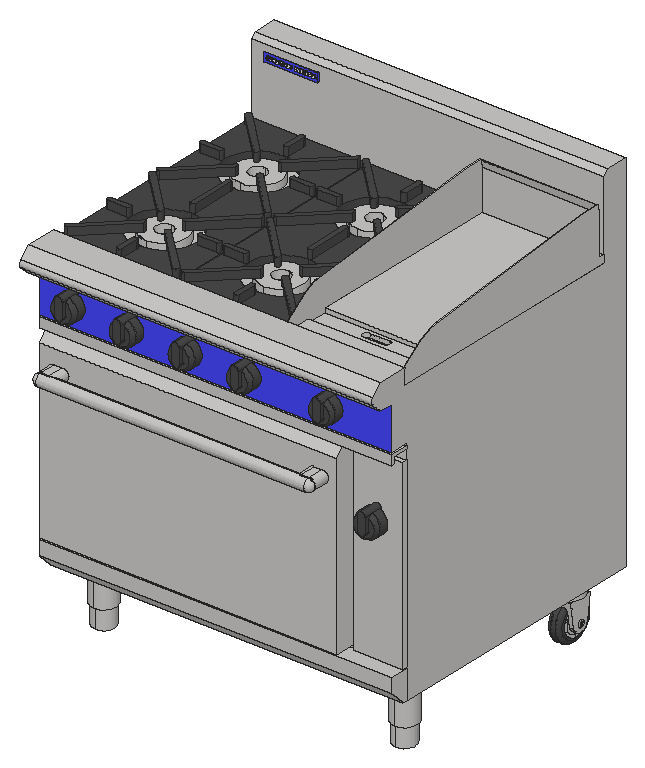
Revit family "QF_MOFFAT_BLUESEAL_CE_GE56C", category Specialty Equipment, Revit 2012 (continued)
Automatic sketch dimensions
  Revolve 22 sketch curve to plane 18 = 16.875 mm
  Revolve 22 sketch curve to Revolve 22 sketch curve = 15 mm
  Revolve 22 sketch curve to plane 18 = 31.875 mm
  plane 7 "Center Y" to Revolve 22 sketch curve = 138.039 mm
  Revolve 22 sketch curve to plane 16 = 111.461 mm
  plane 21 to Extrusion 23 sketch curve = 44 mm
  Extrusion 23 sketch curve to Extrusion 23 sketch curve = 6.387 mm
  Extrusion 23 sketch curve to Extrusion 23 sketch curve = 8.776 mm
  Extrusion 23 sketch curve to plane 21 = 4.07 mm
  plane 18 to Extrusion 23 sketch curve = 55 mm
  Extrusion 23 sketch curve to Extrusion 23 sketch curve = 16.999 mm
  Extrusion 23 sketch curve to Extrusion 23 sketch curve = 7.004 mm
  plane 21 to Extrusion 24 sketch curve = 44 mm
  Extrusion 24 sketch curve to Extrusion 24 sketch curve = 36.5 mm
  Extrusion 25 sketch curve to plane 19 = 0 mm
  Extrusion 25 sketch curve to plane 19 = 19.393 mm
  Extrusion 25 sketch curve to plane 19 = 31.75 mm
  plane 19 to Extrusion 25 sketch curve = 19.393 mm
  plane 19 to Extrusion 25 sketch curve = 31.75 mm
  level to Extrusion 25 sketch curve = 45.111 mm
  Extrusion 25 sketch curve to Extrusion 25 sketch curve = 4.889 mm
  Extrusion 25 sketch curve to Extrusion 25 sketch curve = 64.889 mm
  Revolve 26 sketch curve to plane 19 = 0 mm  (x2)
  Revolve 26 sketch curve to plane 19 = 35.75 mm
  Revolve 26 sketch curve to level = 55 mm
  level to Revolve 26 sketch curve = 50 mm
  Revolve 26 sketch curve to Revolve 26 sketch curve = 60 mm
  Revolve 26 sketch curve to Revolve 26 sketch curve = 40 mm
  Revolve 27 sketch curve to plane 19 = 0 mm  (x2)
  Revolve 27 sketch curve to plane 19 = 35.75 mm
  level to Revolve 27 sketch curve = 150 mm
  Revolve 27 sketch curve to Revolve 27 sketch curve = 40 mm
  level to Revolve 27 sketch curve = 50 mm
  Revolve 27 sketch curve to level = 55 mm
  Revolve 28 sketch curve to plane 16 = 34.382 mm
  Revolve 28 sketch curve to Revolve 28 sketch curve = 1.27 mm  (x4)
  Revolve 28 sketch curve to Revolve 28 sketch curve = 1.524 mm  (x2)
  Revolve 28 sketch curve to Revolve 28 sketch curve = 12.146 mm  (x2)
  Revolve 28 sketch curve to plane 16 = 16.68 mm
  Revolve 28 sketch curve to Revolve 28 sketch curve = 0.794 mm  (x2)
  Revolve 28 sketch curve to Revolve 28 sketch curve = 3.57 mm
  Revolve 28 sketch curve to Revolve 28 sketch curve = 2.143 mm
  Revolve 28 sketch curve to plane 16 = 6.361 mm
  plane 16 to Revolve 28 sketch curve = 5.13 mm
  plane 16 to Revolve 28 sketch curve = 6.339 mm
  plane 16 to Revolve 28 sketch curve = 14.515 mm
  Revolve 28 sketch curve to Revolve 28 sketch curve = 1.349 mm  (x2)
  Revolve 28 sketch curve to Revolve 28 sketch curve = 3.556 mm
  Revolve 28 sketch curve to plane 4 "RIGHT" = 2.18 mm
  level to Revolve 28 sketch curve = 50.8 mm
  Revolve 28 sketch curve to Revolve 28 sketch curve = 0 mm
  Revolve 28 sketch curve to Revolve 28 sketch curve = 3.505 mm  (x2)
  Revolve 28 sketch curve to Revolve 28 sketch curve = 3.447 mm  (x2)
  Revolve 28 sketch curve to Revolve 28 sketch curve = 9.964 mm
  Revolve 28 sketch curve to Revolve 28 sketch curve = 10.045 mm
  Revolve 28 sketch curve to Revolve 28 sketch curve = 2.053 mm
  Revolve 28 sketch curve to Revolve 28 sketch curve = 2.061 mm
  Revolve 28 sketch curve to Revolve 28 sketch curve = 8.247 mm
  Revolve 28 sketch curve to Revolve 28 sketch curve = 8.336 mm
  Revolve 28 sketch curve to Revolve 28 sketch curve = 6.35 mm  (x2)
  Extrusion 29 sketch curve to plane 19 = 0 mm
  Extrusion 29 sketch curve to plane 19 = 19.393 mm
  Extrusion 29 sketch curve to plane 19 = 31.75 mm
  plane 19 to Extrusion 29 sketch curve = 19.393 mm
  plane 19 to Extrusion 29 sketch curve = 31.75 mm
  level to Extrusion 29 sketch curve = 45.111 mm
  Extrusion 29 sketch curve to Extrusion 29 sketch curve = 4.889 mm
  Extrusion 29 sketch curve to Extrusion 29 sketch curve = 64.889 mm
  Revolve 30 sketch curve to level = 0 mm
  Revolve 30 sketch curve to plane 19 = 0 mm  (x2)
  Revolve 30 sketch curve to Revolve 30 sketch curve = 27.5 mm
  Revolve 30 sketch curve to Revolve 30 sketch curve = 31.75 mm
  Revolve 30 sketch curve to level = 55 mm
  Revolve 30 sketch curve to Revolve 30 sketch curve = 50 mm
  Revolve 30 sketch curve to Revolve 30 sketch curve = 0 mm
  Revolve 30 sketch curve to Revolve 30 sketch curve = 100 mm
  Revolve 31 sketch curve to level = 0 mm
  Revolve 31 sketch curve to plane 19 = 0 mm  (x2)
  Revolve 31 sketch curve to Revolve 31 sketch curve = 27.5 mm
  Revolve 31 sketch curve to Revolve 31 sketch curve = 31.75 mm
  level to Revolve 31 sketch curve = 50 mm
  Revolve 31 sketch curve to Revolve 31 sketch curve = 0 mm
  Revolve 31 sketch curve to Revolve 31 sketch curve = 100 mm
  Revolve 31 sketch curve to Revolve 31 sketch curve = 55 mm
  plane 14 to Revolve 32 sketch curve = 25.382 mm
  Revolve 32 sketch curve to Revolve 32 sketch curve = 1.27 mm  (x4)
  Revolve 32 sketch curve to Revolve 32 sketch curve = 1.524 mm  (x2)
  plane 14 to Revolve 32 sketch curve = 10.442 mm
  plane 14 to Revolve 32 sketch curve = 7.68 mm
  Revolve 32 sketch curve to Revolve 32 sketch curve = 0.794 mm  (x2)
  Revolve 32 sketch curve to Revolve 32 sketch curve = 3.57 mm
  Revolve 32 sketch curve to Revolve 32 sketch curve = 2.143 mm
  Revolve 32 sketch curve to plane 14 = 2.639 mm
  Revolve 32 sketch curve to plane 11 = 0.13 mm
  Revolve 32 sketch curve to plane 11 = 1.339 mm
  Revolve 32 sketch curve to plane 11 = 9.515 mm
  Revolve 32 sketch curve to Revolve 32 sketch curve = 1.349 mm  (x2)
  Revolve 32 sketch curve to Revolve 32 sketch curve = 3.556 mm
  Revolve 32 sketch curve to Revolve 32 sketch curve = 12.146 mm
  Revolve 32 sketch curve to plane 3 "LEFT" = 2.68 mm
  level to Revolve 32 sketch curve = 101.6 mm
  Revolve 32 sketch curve to Revolve 32 sketch curve = 6.35 mm  (x4)
  Revolve 32 sketch curve to Revolve 32 sketch curve = 8.247 mm
  Revolve 32 sketch curve to Revolve 32 sketch curve = 8.336 mm
  Revolve 32 sketch curve to Revolve 32 sketch curve = 2.061 mm
  Revolve 32 sketch curve to Revolve 32 sketch curve = 2.053 mm
  Revolve 32 sketch curve to Revolve 32 sketch curve = 10.045 mm
  Revolve 32 sketch curve to Revolve 32 sketch curve = 9.964 mm
  Revolve 32 sketch curve to Revolve 32 sketch curve = 3.447 mm  (x2)
  Revolve 32 sketch curve to Revolve 32 sketch curve = 3.505 mm
  plane 21 to Extrusion 33 sketch curve = 0 mm
  Extrusion 33 sketch curve to plane 21 = 3 mm  (x2)
  plane 10 to Extrusion 33 sketch curve = 36.504 mm
  plane 12 to Extrusion 33 sketch curve = 67.472 mm
  plane 19 to Extrusion 33 sketch curve = 26 mm  (x2)
  Extrusion 33 sketch curve to Extrusion 33 sketch curve = 3 mm
  plane 14 to Extrusion 33 sketch curve = 76 mm  (x2)
  plane 9 to Extrusion 33 sketch curve = 17 mm
  Extrusion 34 sketch curve to Extrusion 33 = 19.102 mm  (x4)
  Extrusion 34 sketch curve to Extrusion 34 sketch curve = 4.525 mm  (x32)
  Extrusion 34 sketch curve to Extrusion 33 = 27.593 mm  (x2)
  Extrusion 34 sketch curve to Extrusion 34 sketch curve = 48.456 mm  (x8)
  Extrusion 34 sketch curve to Extrusion 34 sketch curve = 50.976 mm  (x2)
  Extrusion 34 sketch curve to Extrusion 34 sketch curve = 0 mm  (x11)
  Extrusion 33 to Extrusion 34 sketch curve = 9.908 mm  (x2)
  Extrusion 34 sketch curve to Extrusion 34 sketch curve = 27.39 mm  (x4)
  Extrusion 34 sketch curve to Extrusion 34 sketch curve = 6.4 mm  (x14)
  Extrusion 34 sketch curve to Extrusion 34 sketch curve = 20.658 mm  (x4)
  Extrusion 34 sketch curve to Extrusion 34 sketch curve = 55.923 mm  (x2)
  Extrusion 33 to Extrusion 34 sketch curve = 6.102 mm  (x3)
  Extrusion 34 sketch curve to Extrusion 34 sketch curve = 128.581 mm  (x3)
  Extrusion 34 sketch curve to Extrusion 33 = 6.102 mm  (x2)
  Extrusion 34 sketch curve to Extrusion 33 = 5.102 mm  (x3)
  Extrusion 34 sketch curve to Extrusion 33 = 14.153 mm
  Extrusion 34 sketch curve to Extrusion 34 sketch curve = 12.205 mm  (x4)
  Extrusion 34 sketch curve to Extrusion 33 = 15.153 mm  (x2)
  Extrusion 33 to Extrusion 34 sketch curve = 15.153 mm
  Extrusion 34 sketch curve to Extrusion 34 sketch curve = 112.454 mm  (x2)
  Extrusion 34 sketch curve to Extrusion 34 sketch curve = 59.673 mm  (x2)
  Extrusion 34 sketch curve to Extrusion 34 sketch curve = 17.024 mm  (x3)
  Extrusion 34 sketch curve to Extrusion 34 sketch curve = 46.847 mm  (x4)
  Extrusion 34 sketch curve to Extrusion 34 sketch curve = 62.169 mm  (x2)
  Extrusion 34 sketch curve to Extrusion 33 = 36.153 mm  (x3)
  Extrusion 34 sketch curve to Extrusion 33 = 23.4 mm  (x2)
  Extrusion 34 sketch curve to Extrusion 33 = 9.156 mm  (x2)
  Extrusion 34 sketch curve to Extrusion 34 sketch curve = 55.413 mm  (x4)
  Extrusion 34 sketch curve to Extrusion 34 sketch curve = 20.524 mm  (x6)
  Extrusion 34 sketch curve to Extrusion 34 sketch curve = 53.847 mm  (x8)
  Extrusion 34 sketch curve to Extrusion 33 = 58.364 mm
  Extrusion 34 sketch curve to Extrusion 34 sketch curve = 55.661 mm  (x4)
  Extrusion 34 sketch curve to Extrusion 33 = 9.908 mm  (x2)
  Extrusion 34 sketch curve to Extrusion 34 sketch curve = 128.447 mm  (x3)
  Extrusion 36 sketch curve to plane 7 "Center Y" = 0 mm  (x2)
  plane 21 to Extrusion 36 sketch curve = 0 mm
  Extrusion 36 sketch curve to plane 21 = 3 mm  (x2)
  plane 10 to Extrusion 36 sketch curve = 36.504 mm
  plane 12 to Extrusion 36 sketch curve = 67.472 mm
  plane 19 to Extrusion 36 sketch curve = 26 mm  (x2)
  Extrusion 36 sketch curve to Extrusion 36 sketch curve = 3 mm
  plane 9 to Extrusion 36 sketch curve = 23 mm
  curve 23 to curve 27 = 0 mm  (x2)
  curve 37 to curve 39 = 0 mm  (x2)
  curve 37 to curve 41 = 0 mm  (x2)
  curve 45 to curve 47 = 0 mm  (x2)
  curve 51 to curve 53 = 0 mm  (x2)
  curve 51 to curve 55 = 0 mm  (x2)
  curve 49 to plane 7 "Center Y" = 0 mm
  curve 45 to plane 7 "Center Y" = 0 mm
  curve 51 to plane 7 "Center Y" = 0 mm
  plane 12 to curve 42 = 45.472 mm
  plane 14 to curve 42 = 76 mm
  plane 14 to curve 28 = 76 mm
  curve 26 to curve 23 = 0 mm
  curve 39 to curve 41 = 22 mm
  plane 12 to curve 55 = 67.472 mm
  curve 55 to curve 51 = 22 mm
  curve 54 to curve 55 = 35 mm
  curve 39 to curve 41 = 35 mm
  curve 38 to curve 39 = 28 mm
  curve 51 to curve 53 = 28 mm
  curve 25 to plane 8 "Center X" = 46.768 mm
  curve 50 to plane 8 "Center X" = 46.768 mm
  curve 49 to curve 46 = 27.732 mm
  curve 25 to curve 23 = 27.732 mm
  curve 45 to curve 48 = 35 mm
  curve 23 to curve 28 = 35 mm
  curve 27 to curve 28 = 22 mm
  curve 47 to curve 45 = 22 mm
  curve 23 to curve 25 = 0.268 mm
  curve 45 to curve 50 = 0.268 mm
  Extrusion 35 sketch curve to Extrusion 35 sketch curve = 0 mm  (x8)
  Extrusion 35 sketch curve to plane 7 "Center Y" = 0 mm  (x2)
  plane 12 to Extrusion 35 sketch curve = 67.472 mm  (x2)
  plane 10 to Extrusion 35 sketch curve = 36.772 mm  (x2)
  plane 14 to Extrusion 35 sketch curve = 76 mm  (x2)
  plane 1 "BACK" to curve 1 = 0 mm
  curve 1 to plane 3 "LEFT" = 0 mm
  plane 5 "FRONT" to curve 9 = 0 mm
  plane 21 to curve 6 = 0 mm
  plane 3 "LEFT" to curve 31 = 8.27 mm
  plane 3 "LEFT" to curve 44 = 8.27 mm
  plane 3 "LEFT" to curve 34 = 8.27 mm
  plane 3 "LEFT" to curve 29 = 8.27 mm
  plane 3 "LEFT" to curve 20 = 9.26 mm
  plane 3 "LEFT" to curve 35 = 9.26 mm
  plane 3 "LEFT" to curve 9 = 22.65 mm
  curve 10 to plane 11 = 11.111 mm
  curve 9 to plane 11 = 9.192 mm
  curve 20 to plane 11 = 0.74 mm
  curve 35 to plane 11 = 0.74 mm
  plane 14 to curve 34 = 47.407 mm
  plane 14 to curve 44 = 47.407 mm
  plane 14 to curve 29 = 47.407 mm
  plane 10 to curve 31 = 11.679 mm
  plane 14 to curve 31 = 47.407 mm
  curve 18 to plane 12 = 26.806 mm
  curve 34 to curve 18 = 28.581 mm
  curve 19 to plane 21 = 23.732 mm
  plane 14 to curve 19 = 76.034 mm
  curve 44 to curve 32 = 28.628 mm
  curve 44 to curve 43 = 57.187 mm
  plane 12 to curve 33 = 35.379 mm
  curve 34 to curve 33 = 57.187 mm
  curve 29 to curve 21 = 57.187 mm
  plane 10 to curve 30 = 11.679 mm
  curve 30 to curve 21 = 0 mm
  curve 36 to plane 9 = 39.959 mm
  curve 22 to plane 9 = 39.959 mm
  plane 9 to curve 43 = 11.73 mm
  plane 9 to curve 33 = 11.73 mm
  plane 9 to curve 30 = 11.73 mm
  plane 9 to curve 21 = 11.73 mm
  plane 9 to curve 22 = 11.767 mm
  plane 9 to curve 36 = 11.767 mm
  curve 15 to plane 21 = 3.3 mm
  plane 9 to curve 15 = 20 mm
  plane 8 "Center X" to curve 62 = 6.73 mm
  curve 21 to curve 62 = 16.539 mm
  curve 30 to curve 64 = 16.539 mm
  curve 33 to curve 67 = 16.539 mm
  plane 19 to curve 71 = 7.73 mm
  curve 43 to curve 71 = 16.539 mm
  curve 22 to curve 59 = 17.493 mm
  curve 36 to curve 68 = 17.493 mm
  curve 59 to curve 59 = 50 mm
  curve 68 to curve 68 = 50 mm
  plane 10 to curve 64 = 11.679 mm
  curve 64 to plane 7 "Center Y" = 28.593 mm
  curve 71 to plane 7 "Center Y" = 28.593 mm
  curve 62 to plane 7 "Center Y" = 28.593 mm
  curve 67 to plane 7 "Center Y" = 28.593 mm
  curve 57 to plane 7 "Center Y" = 0.012 mm
  plane 7 "Center Y" to curve 58 = 0.034 mm
  plane 7 "Center Y" to curve 65 = 0.034 mm
  plane 10 to curve 63 = 11.679 mm
  plane 7 "Center Y" to curve 63 = 28.593 mm
  plane 7 "Center Y" to curve 60 = 28.593 mm
  plane 7 "Center Y" to curve 66 = 28.593 mm
  plane 7 "Center Y" to curve 70 = 28.593 mm
  curve 66 to curve 69 = 61.447 mm
  curve 63 to curve 61 = 61.447 mm
  plane 8 "Center X" to curve 60 = 6.73 mm
  plane 7 "Center Y" to curve 60 = 141.73 mm
  plane 19 to curve 70 = 7.73 mm
  plane 7 "Center Y" to curve 70 = 141.73 mm
  curve 66 to plane 13 = 17.758 mm
  curve 66 to curve 60 = 0 mm
  curve 63 to plane 21 = 29.27 mm
  plane 7 "Center Y" to curve 63 = 141.73 mm
  curve 69 to curve 69 = 51.727 mm
  curve 61 to curve 61 = 51.727 mm
  curve 70 to curve 16 = 8.27 mm
  plane 5 "FRONT" to curve 10 = 14.544 mm
  curve 10 to plane 16 = 112.642 mm
  curve 11 to curve 11 = 25.191 mm
  curve 13 to plane 16 = 74.5 mm
  curve 12 to curve 10 = 392.303 mm
  curve 58 to plane 21 = 23.732 mm
  curve 7 to curve 31 = 25.97 mm
  curve 15 to curve 64 = 25.97 mm
  curve 30 to curve 64 = 0 mm
  curve 58 to curve 58 = 52.71 mm
  curve 19 to curve 19 = 52.71 mm
  plane 10 to curve 61 = 36.638 mm
  plane 10 to curve 22 = 36.638 mm
  plane 10 to curve 59 = 36.638 mm
  plane 10 to curve 20 = 36.638 mm
  curve 31 to curve 29 = 50.187 mm
  curve 63 to curve 60 = 50.187 mm
  curve 30 to curve 21 = 50.187 mm
  curve 64 to curve 62 = 50.187 mm
  curve 18 to plane 8 "Center X" = 42.358 mm
  curve 57 to plane 8 "Center X" = 42.358 mm
  plane 8 "Center X" to curve 21 = 6.73 mm
  plane 8 "Center X" to curve 29 = 6.73 mm
  curve 21 to curve 33 = 16.539 mm
  curve 33 to curve 67 = 0 mm
  curve 17 to curve 34 = 8.27 mm
  curve 57 to plane 12 = 26.806 mm
  plane 12 to curve 34 = 35.379 mm
  plane 12 to curve 66 = 35.379 mm
  plane 12 to curve 67 = 35.379 mm
  plane 12 to curve 36 = 63.972 mm
  curve 36 to curve 68 = 0 mm
  plane 12 to curve 69 = 63.972 mm
  plane 12 to curve 35 = 63.972 mm
  curve 33 to curve 43 = 64.187 mm
  curve 67 to curve 71 = 64.187 mm
  curve 71 to curve 70 = 0 mm
  curve 44 to curve 43 = 0 mm
  curve 32 to plane 19 = 49.16 mm
  curve 65 to plane 19 = 49.16 mm
  plane 19 to curve 65 = 3.719 mm
  plane 19 to curve 32 = 3.719 mm
  plane 19 to curve 44 = 7.73 mm
  plane 19 to curve 43 = 7.73 mm
  curve 43 to curve 15 = 19.536 mm
  curve 8 to curve 4 = 2.734 mm
  Split face 1 sketch curve to cut or joined group of Extrusion 1, Extrusion 19 = 27.115 mm
  Split face 1 sketch curve to cut or joined group of Extrusion 1, Extrusion 19 = 626.545 mm
  Split face 1 sketch curve to Split face 1 sketch curve = 4.041 mm  (x4)
  Split face 1 sketch curve to Split face 1 sketch curve = 8.66 mm  (x2)
  Split face 1 sketch curve to cut or joined group of Extrusion 1, Extrusion 19 = 12.115 mm
  Split face 1 sketch curve to Split face 1 sketch curve = 223.917 mm
  Split face 1 sketch curve to Split face 1 sketch curve = 7 mm  (x3)
  Split face 1 sketch curve to Split face 1 sketch curve = 17 mm
  Split face 2 sketch curve to cut or joined group of Extrusion 1, Extrusion 19 = 27.115 mm
  Split face 2 sketch curve to cut or joined group of Extrusion 1, Extrusion 19 = 326.545 mm
  Split face 2 sketch curve to cut or joined group of Extrusion 1, Extrusion 19 = 23.385 mm
  Split face 2 sketch curve to Split face 2 sketch curve = 4.041 mm  (x3)
  Split face 2 sketch curve to Split face 2 sketch curve = 8.66 mm  (x3)
  Split face 2 sketch curve to cut or joined group of Extrusion 1, Extrusion 19 = 12.115 mm
  Split face 2 sketch curve to Split face 2 sketch curve = 223.917 mm
  Split face 2 sketch curve to cut or joined group of Extrusion 1, Extrusion 19 = 18.385 mm
  Split face 2 sketch curve to Split face 2 sketch curve = 10 mm
  Split face 2 sketch curve to Split face 2 sketch curve = 7 mm
  Split face 3 sketch curve to cut or joined group of Extrusion 1, Extrusion 19 = 27.115 mm
  Split face 3 sketch curve to cut or joined group of Extrusion 1, Extrusion 19 = 26.545 mm
  Split face 3 sketch curve to cut or joined group of Extrusion 1, Extrusion 19 = 23.385 mm
  Split face 3 sketch curve to Split face 3 sketch curve = 4.041 mm  (x4)
  Split face 3 sketch curve to Split face 3 sketch curve = 8.66 mm  (x2)
  Split face 3 sketch curve to cut or joined group of Extrusion 1, Extrusion 19 = 22.115 mm
  Split face 3 sketch curve to Split face 3 sketch curve = 223.917 mm
  Split face 3 sketch curve to cut or joined group of Extrusion 1, Extrusion 19 = 17.115 mm
  Split face 3 sketch curve to Split face 3 sketch curve = 17 mm
  Split face 3 sketch curve to Split face 3 sketch curve = 7 mm
  curve 78 to plane 17 = 1.385 mm
  plane 3 "LEFT" to curve 78 = 24.134 mm
  curve 78 to plane 17 = 8.385 mm
  curve 78 to curve 78 = 4.041 mm
  plane 17 to curve 79 = 3.615 mm
  curve 79 to curve 79 = 8.66 mm
  curve 77 to curve 77 = 8.66 mm
  plane 17 to curve 73 = 3.615 mm
  curve 73 to plane 9 = 19.247 mm
  curve 75 to plane 17 = 3.385 mm
  curve 73 to curve 75 = 4.041 mm
  plane 17 to curve 74 = 8.615 mm
  plane 17 to curve 75 = 1.615 mm
  curve 75 to plane 9 = 6.545 mm
  curve 81 to plane 17 = 1.385 mm
  plane 9 to curve 81 = 44.134 mm
  curve 82 to curve 83 = 4.041 mm
  curve 81 to curve 80 = 8.66 mm
  curve 83 to plane 17 = 3.385 mm
  curve 81 to curve 83 = 4.041 mm
  plane 17 to curve 87 = 13.615 mm
  curve 87 to curve 16 = 39.247 mm
  curve 85 to plane 17 = 3.385 mm
  curve 87 to curve 85 = 4.041 mm
  plane 17 to curve 86 = 8.615 mm
  curve 80 to curve 86 = 8.66 mm
  plane 17 to curve 85 = 1.615 mm
  curve 86 to curve 85 = 4.041 mm
  curve 94 to plane 17 = 1.385 mm
  curve 16 to curve 94 = 24.134 mm
  curve 94 to plane 17 = 8.385 mm
  curve 94 to curve 94 = 4.041 mm
  plane 17 to curve 88 = 13.615 mm
  curve 95 to curve 88 = 8.66 mm
  curve 94 to curve 92 = 8.66 mm
  plane 16 to curve 88 = 26.253 mm
  curve 89 to curve 92 = 4.041 mm
  plane 17 to curve 90 = 8.615 mm
  curve 88 to curve 90 = 8.66 mm
  plane 17 to curve 90 = 1.615 mm
  curve 89 to curve 90 = 4.041 mm
  curve 93 to curve 94 = 5 mm
  plane 8 "Center X" to curve 17 = 15 mm
  curve 60 to curve 17 = 9.686 mm
  curve 4 to curve 96 = 12.5 mm
  curve 97 to plane 5 "FRONT" = 28.03 mm
  plane 21 to Extrusion 2 sketch curve = 44 mm
  plane 18 to Extrusion 2 sketch curve = 21 mm
  Extrusion 2 sketch curve to Extrusion 2 sketch curve = 24 mm
  Extrusion 24 sketch curve to plane 21 = 6 mm
  level to Extrusion 24 sketch curve = 150 mm
  Extrusion 24 sketch curve to Extrusion 24 sketch curve = 36 mm
  plane 21 to Extrusion 24 sketch curve = 8 mm
  radius of Extrusion 6 sketch curve = 10 mm
  radius of Extrusion 33 sketch curve = 85 mm  (x2)
  radius of Extrusion 36 sketch curve = 85 mm  (x2)
  radius of Extrusion 35 sketch curve = 57 mm  (x4)
  radius of Extrusion 35 sketch curve = 22 mm  (x4)
  radius of Extrusion 37 sketch curve = 6.35 mm
Nested families
  nested 1: "WALDORF LOGO_FACE BASE" at (32, -70, 1056.385) x (1, 0, 0) z (0, -1, 0), visible <- "Show Logo", type "WALDORF LOGO_FACE BASE", detail levels medium+fine
    with Show Logo yes
  nested 2: "GAS GRIDDLE PLATE 300" at (600, -85, 875), type "GAS GRIDDLE PLATE 300"
    with Width 300 mm, Type Mark "", Status "", Specification by User "", Revision Code "", Item Number "", Installed By "", Identify Quantity as Lot yes, Furnished By "", Foodservice Equipment Identifier yes, Depth 620 mm
Connectors
  piping at (770, -32, 655)
    settings: on Extrusion 6, index 4, connector radius 0.37402", flow factor 0, pipe flow 0 GPM, pressure drop 0.00 psi, fitting loss kfactor 0, connector angle 0.00°, fixture units 0, engagement length 0 mm, flow configuration 1, flow direction 1, fitting loss method 0, system type 7, joint type 0, gender type 0, connector reference index -1, connector utility 0, adjustable connector no, is connector primary yes, fitting loss table "", connector description "GAS CONNECTION"
  electrical at (826, -501, 147.817), driven by "Volts", driven by "Watts"
    settings: on Extrusion 37, index 5, voltage 400 V, apparent load 6600 VA, apparent load phase1 0 VA, apparent load phase2 0 VA, apparent load phase3 0 VA, power factor 1, load classification "Other", number of poles 1, system type 30, power factor state 1, is connector primary yes, connector utility no, sub classification motor no, connector description "ELECTRICAL CONNECTION"
Definition of nested family "WALDORF LOGO_FACE BASE"
  Parameters (values of type "WALDORF LOGO_FACE BASE")
    Show Logo [instance] = yes
    Default Elevation = 1219.2 mm
  Reference planes
    plane 1 "Center (Front/Back)": y = 0
    plane 2: z = 0
    plane 3 "Center (Left/Right)": x = 0
  Forms (mm)
    Extrusion 1, solid
      sketch origin (0, 0, 0) x (1, 0, 0) y (0, 1, 0)
        loop
          line (-1219.2, 1219.2) -> (-1219.2, -1219.2) -> (1219.2, -1219.2) -> (1219.2, 1219.2) -> (-1219.2, 1219.2)
      from 0 to -304.8
    Extrusion 2, solid, material "QF_Finishes_Blue", visible <- "Show Logo"
      sketch origin (0, -33.217, 0) x (1, 0, 0) y (0, 1, 0)
        loop
          arc (138, 31.942) -> (137.626, 32.844) -> (136.724, 33.217) r 1.276
          line (136.724, 33.217) -> (1.29, 33.217)
          arc (1.29, 33.217) -> (0.378, 32.839) -> (0, 31.927) r 1.29
          line (0, 31.927) -> (0, 11.507)
          arc (0, 11.507) -> (0.378, 10.595) -> (1.29, 10.217) r 1.29
          line (1.29, 10.217) -> (136.71, 10.217)
          arc (136.71, 10.217) -> (137.622, 10.595) -> (138, 11.507) r 1.29
          line (138, 11.507) -> (138, 31.942)
      from 0 to 1.588
    Extrusion 3, solid, material "QF_Finishes_White", visible <- "Show Logo"
      sketch origin (0, -33.217, 1.588) x (1, 0, 0) y (0, 1, 0)
        loop
          arc (108.946, 25.919) -> (107.613, 25.367) -> (107.061, 24.034) r 1.885
          line (107.061, 24.034) -> (107.061, 17.211) -> (112.704, 17.211) -> (112.704, 19.129) -> (115.546, 19.129) -> (115.546, 17.211) -> (121.584, 17.211) -> (121.584, 24.075)
          arc (121.584, 24.075) -> (121.043, 25.379) -> (119.739, 25.919) r 1.845
          line (119.739, 25.919) -> (108.946, 25.919)
        loop
          line (123.478, 25.919) -> (123.478, 17.163) -> (134.904, 17.163) -> (134.904, 19.129) -> (129.246, 19.129) -> (129.246, 25.919) -> (123.478, 25.919)
        loop
          line (112.704, 21.258) -> (115.546, 21.258) -> (115.546, 22.702)
          arc (115.546, 22.702) -> (115.344, 23.188) -> (114.858, 23.389) r 0.687
          line (114.858, 23.389) -> (113.363, 23.389)
          arc (113.363, 23.389) -> (112.897, 23.196) -> (112.704, 22.73) r 0.658
          line (112.704, 22.73) -> (112.704, 21.258)
        loop
          line (105.071, 25.919) -> (93.771, 25.919) -> (93.771, 17.163) -> (105.071, 17.163) -> (105.071, 19.063) -> (99.535, 19.063) -> (99.535, 20.437) -> (105.071, 20.437) -> (105.071, 22.278) -> (99.535, 22.278) -> (99.535, 23.587) -> (105.071, 23.587) -> (105.071, 25.919)
        loop
          line (91.104, 25.919) -> (79.541, 25.919)
          arc (79.541, 25.919) -> (78.558, 25.513) -> (78.152, 24.53) r 1.389
          line (78.152, 24.53) -> (78.152, 22.08)
          arc (78.152, 22.08) -> (78.558, 21.098) -> (79.541, 20.691) r 1.389
          line (79.541, 20.691) -> (86.346, 20.691) -> (86.346, 18.864) -> (83.266, 18.864) -> (83.266, 19.664) -> (78.152, 19.664) -> (78.152, 18.553)
          arc (78.152, 18.553) -> (78.558, 17.57) -> (79.541, 17.163) r 1.389
          line (79.541, 17.163) -> (91.063, 17.163)
          arc (91.063, 17.163) -> (92.045, 17.57) -> (92.452, 18.553) r 1.389
          line (92.452, 18.553) -> (92.452, 20.691)
          arc (92.452, 20.691) -> (92.045, 21.673) -> (91.063, 22.08) r 1.389
          line (91.063, 22.08) -> (83.266, 22.08) -> (83.266, 23.984) -> (86.346, 23.984) -> (86.346, 22.743) -> (92.452, 22.743) -> (92.452, 24.571)
          arc (92.452, 24.571) -> (92.057, 25.524) -> (91.104, 25.919) r 1.348
        loop
          line (70.705, 25.919) -> (59.405, 25.919) -> (59.405, 17.163) -> (70.705, 17.163) -> (70.705, 19.063) -> (65.169, 19.063) -> (65.169, 20.437) -> (70.705, 20.437) -> (70.705, 22.278) -> (65.169, 22.278) -> (65.169, 23.587) -> (70.705, 23.587) -> (70.705, 25.919)
        loop
          line (57.598, 25.919) -> (51.7, 25.919) -> (51.7, 20.18)
          arc (51.7, 20.18) -> (50.63, 19.11) -> (49.56, 20.18) r 1.07
          line (49.56, 20.18) -> (49.56, 25.919) -> (43.663, 25.919) -> (43.663, 19.049)
          arc (43.663, 19.049) -> (44.215, 17.716) -> (45.548, 17.163) r 1.885
          line (45.548, 17.163) -> (55.71, 17.163)
          arc (55.71, 17.163) -> (57.045, 17.716) -> (57.598, 19.051) r 1.887
          line (57.598, 19.051) -> (57.598, 25.919)
        loop
          line (31.62, 25.919) -> (31.62, 17.163) -> (43.046, 17.163) -> (43.046, 19.129) -> (37.388, 19.129) -> (37.388, 25.919) -> (31.62, 25.919)
        loop
          line (15.969, 25.919) -> (15.969, 17.163) -> (28.693, 17.163)
          arc (28.693, 17.163) -> (29.812, 17.627) -> (30.276, 18.746) r 1.582
          line (30.276, 18.746) -> (30.276, 20.447) -> (29.48, 21.243) -> (30.276, 22.039) -> (30.276, 24.332)
          arc (30.276, 24.332) -> (29.811, 25.454) -> (28.688, 25.919) r 1.587
          line (28.688, 25.919) -> (15.969, 25.919)
        loop
          line (21.449, 24.159) -> (21.449, 22.436) -> (23.862, 22.436)
          arc (23.862, 22.436) -> (24.723, 23.298) -> (23.862, 24.159) r 0.861
          line (23.862, 24.159) -> (21.449, 24.159)
        loop
          line (21.449, 20.244) -> (21.449, 18.522) -> (23.862, 18.522)
          arc (23.862, 18.522) -> (24.723, 19.383) -> (23.862, 20.244) r 0.861
          line (23.862, 20.244) -> (21.449, 20.244)
      from 0 to 0.2
    Extrusion 4, solid, material "QF_Finishes_Blue", visible <- "Show Logo"
      sketch origin (-126.498, -31.09, 1.588) x (1, 0, 0) y (0, 1, 0)
        loop
          line (136.738, 23.522) -> (136.738, 15.1)
          arc (136.738, 15.1) -> (140.756, 19.311) -> (136.738, 23.522) r 4.216
      from 0 to 0.2
    Extrusion 5, solid, material "QF_Finishes_Red", visible <- "Show Logo"
      sketch origin (146.849, -31.09, 1.588) x (-1, 0, 0) y (0, -1, 0)
        loop
          arc (136.738, -23.522) -> (140.756, -19.311) -> (136.738, -15.1) r 4.216
          line (136.738, -15.1) -> (136.738, -23.522)
      from 0 to 0.2
  Lines and regions (mm)
    Split face 1
      outline origin (-90.35, -30.793, 1.588) x (1, 0, 0) y (0, 1, 0)
        loop
          circle (100.54, 19.013) r 4.536
  Dimensions and locks
    aligned and locked: plane 2 to Extrusion 1
    aligned and locked: level to Extrusion 1
Definition of nested family "GAS GRIDDLE PLATE 300"
  Parameters (values of type "GAS GRIDDLE PLATE 300")
    Width [instance] = 300 mm
    Weight in Pounds = 0
    URL Cutsheet = ""
    Type Mark [instance] = ""
    Status [instance] = ""
    Specification by User [instance] = ""
    Specification by Manufacturer = ""
    Serial Number = ""
    Seismic Rating = ""
    SMACNA No = ""
    Revision Code [instance] = ""
    Omniclass Number and Title = ""
    NAFEM Spec ID Number = ""
    Masterspec = ""
    Item Number [instance] = ""
    Installed By [instance] = ""
    Identify Quantity as Lot [instance] = yes
    Furnished By [instance] = ""
    Foodservice Equipment Identifier [instance] = yes
    Depth [instance] = 620 mm
    CSI MasterFormat = ""
    CSI Master Format = ""
  Reference planes
    plane 1 "BACK": y = 0
    plane 2: z = 0
    plane 3 "LEFT": x = 0
    plane 4 "RIGHT": x = 300
    plane 5 "FRONT": y = -620
    plane 6 "TOP": z = 142.5
    plane 7 "Center Y": x = 150
    plane 8 "Center X": y = -310
    plane 9: y = -530.997
    plane 10: y = -541.497
    plane 11: y = -503.25
    plane 12: y = -557.737
  Forms (mm)
    Extrusion 1, solid, material "QF_Finishes_Stainless Steel"
      sketch origin (0, 70.003, -874.5) x (0, 1, 0) y (0, 0, 1)
        loop
          line (-70, 875) -> (-70, 997.489) -> (-75.228, 1017) -> (-117.24, 1017) -> (-589.533, 971.523)
          arc (-589.533, 971.523) -> (-614.56, 965.803) -> (-637.306, 953.899) r 100
          line (-637.306, 953.899) -> (-690.003, 917) -> (-690.003, 875) -> (-70, 875)
      from 0 to 1.8
    Extrusion 2, solid, material "QF_Finishes_Stainless Steel"
      sketch origin (600, 70.003, -874.5) x (0, -1, 0) y (0, 0, 1)
        loop
          line (70, 875) -> (690.003, 875) -> (690.003, 917) -> (637.306, 953.899)
          arc (637.306, 953.899) -> (614.56, 965.803) -> (589.533, 971.523) r 100
          line (589.533, 971.523) -> (117.24, 1017) -> (75.228, 1017) -> (70, 997.489) -> (70, 875)
      from 300 to 301.2
    Extrusion 3, solid, material "QF_Finishes_Stainless Steel"
      sketch origin (150, 70.003, -874.5) x (0, 1, 0) y (0, 0, 1)
        loop
          line (-55, 895) -> (-573.253, 895) -> (-573.253, 884.5) -> (-627.74, 884.5) -> (-627.74, 895) -> (-690.003, 895) -> (-690.003, 875) -> (-55, 875) -> (-55, 895)
      from -148.2 to 150
    Extrusion 4, void
      sketch origin (150, -541.497, 10) x (0, -1, 0) y (1, 0, 0)
        loop
          arc (-7.497, 25) -> (-17.497, 35) -> (-27.497, 25) r 10
          line (-27.497, 25) -> (-27.497, -25)
          arc (-27.497, -25) -> (-17.497, -35) -> (-7.497, -25) r 10
          line (-7.497, -25) -> (-7.497, 25)
      from -41.4 to 40.142
    Extrusion 5, solid, material "QF_Finishes_Stainless Steel"
      sketch origin (0, 70.003, -874.5) x (0, 1, 0) y (0, 0, 1)
        loop
          line (-70, 875) -> (-70, 997.489) -> (-75.228, 1017) -> (-76.884, 1017) -> (-71.6, 997.278) -> (-71.6, 875) -> (-70, 875)
      from 0 to 298.8
  Cuts and joins
    Extrusion 4 cuts Extrusion 3
    joined: Extrusion 1, Extrusion 2, Extrusion 3
  Lines and regions (mm)
    symbolic lines
      curve 1: line (300, -503.25, 0) -> (0, -503.25, 0)
      curve 2: line (0, -557.737, 0) -> (300, -557.737, 0)
      curve 3: line (0, -1.68, 0) -> (300, -1.68, 0)
      curve 4: line (300, -1.68, 0) -> (300, -620, 0)
      curve 5: line (0, -620, 0) -> (0, -1.68, 0)
      curve 6: line (0, -620, 0) -> (300, -620, 0)
      curve 7: arc (175, -534, 0) -> (185, -524, 0) -> (175, -514, 0) r 10
      curve 8: line (175, -514, 0) -> (125, -514, 0)
      curve 9: arc (125, -514, 0) -> (115, -524, 0) -> (125, -534, 0) r 10
      curve 10: line (125, -534, 0) -> (175, -534, 0)
  Dimensions and locks
    equal spacing: plane 3 "LEFT", plane 7 "Center Y", plane 4 "RIGHT"
    "Width": plane 3 "LEFT" to plane 4 "RIGHT"
    equal spacing: plane 5 "FRONT", plane 8 "Center X", plane 1 "BACK"
    "Depth": plane 5 "FRONT" to plane 1 "BACK"
    locked: Extrusion 2 to Extrusion 2 at 1.2
    equal spacing: Extrusion 4 sketch curve, plane 7 "Center Y", Extrusion 4 sketch curve, locked at 35 each
    aligned and locked: level to plane 2
    aligned and locked: Extrusion 2 to plane 4 "RIGHT"
    aligned and locked: curve 1 to plane 11
    aligned and locked: plane 12 to curve 2
    aligned and locked: Extrusion 5 to cut or joined group of Extrusion 1, Extrusion 2, Extrusion 3, Extrusion 4
  Automatic sketch dimensions
    Extrusion 1 sketch curve to plane 5 "FRONT" = 0 mm
    Extrusion 1 sketch curve to plane 6 "TOP" = 0 mm
    plane 12 to Extrusion 1 sketch curve = 9.566 mm
    plane 11 to Extrusion 1 sketch curve = 16.28 mm
    Extrusion 1 sketch curve to level = 2.516 mm
    plane 11 to Extrusion 1 sketch curve = 6.695 mm
    plane 1 "BACK" to Extrusion 1 sketch curve = 47.237 mm
    plane 1 "BACK" to Extrusion 1 sketch curve = 5.225 mm
    Extrusion 1 sketch curve to plane 1 "BACK" = 0.003 mm
    level to Extrusion 1 sketch curve = 0.5 mm
    Extrusion 1 sketch curve to Extrusion 1 sketch curve = 42 mm
    Extrusion 1 sketch curve to plane 6 "TOP" = 63.101 mm
    Extrusion 1 sketch curve to plane 6 "TOP" = 19.511 mm
    Extrusion 2 sketch curve to plane 6 "TOP" = 0 mm
    Extrusion 2 sketch curve to plane 5 "FRONT" = 0 mm
    plane 12 to Extrusion 2 sketch curve = 9.566 mm
    plane 11 to Extrusion 2 sketch curve = 16.28 mm
    Extrusion 2 sketch curve to level = 2.516 mm
    plane 11 to Extrusion 2 sketch curve = 6.695 mm
    plane 1 "BACK" to Extrusion 2 sketch curve = 47.237 mm
    plane 1 "BACK" to Extrusion 2 sketch curve = 5.225 mm
    Extrusion 2 sketch curve to plane 1 "BACK" = 0.003 mm
    level to Extrusion 2 sketch curve = 0.5 mm
    Extrusion 2 sketch curve to Extrusion 2 sketch curve = 42 mm
    Extrusion 2 sketch curve to plane 6 "TOP" = 63.101 mm
    Extrusion 2 sketch curve to plane 6 "TOP" = 19.511 mm
    Extrusion 3 sketch curve to plane 5 "FRONT" = 0 mm
    Extrusion 3 sketch curve to plane 12 = 0 mm
    Extrusion 3 sketch curve to plane 11 = 0 mm
    Extrusion 3 sketch curve to plane 1 "BACK" = 15.003 mm
    level to Extrusion 3 sketch curve = 0.5 mm
    level to Extrusion 3 sketch curve = 10 mm
    Extrusion 3 sketch curve to Extrusion 3 sketch curve = 10.5 mm  (x2)
    plane 11 to Extrusion 4 sketch curve = 10.75 mm
    Extrusion 4 sketch curve to Extrusion 4 sketch curve = 10 mm
    Extrusion 4 sketch curve to plane 7 "Center Y" = 25 mm
    plane 1 "BACK" to Extrusion 5 sketch curve = 5.225 mm
    Extrusion 5 sketch curve to plane 1 "BACK" = 0.003 mm
    Extrusion 5 sketch curve to plane 6 "TOP" = 19.511 mm
    Extrusion 5 sketch curve to Extrusion 5 sketch curve = 1.6 mm
    Extrusion 5 sketch curve to Extrusion 5 sketch curve = 0.211 mm
    Extrusion 5 sketch curve to plane 6 "TOP" = 0 mm
    Extrusion 5 sketch curve to Extrusion 5 sketch curve = 1.656 mm
    level to Extrusion 5 sketch curve = 0.5 mm
    curve 6 to plane 3 "LEFT" = 0 mm
    curve 4 to plane 4 "RIGHT" = 0 mm
    plane 5 "FRONT" to curve 6 = 0 mm
    plane 11 to curve 8 = 10.75 mm
    curve 8 to plane 7 "Center Y" = 25 mm
    plane 7 "Center Y" to curve 7 = 25 mm
    curve 10 to curve 7 = 20 mm
    plane 1 "BACK" to curve 3 = 1.68 mm
